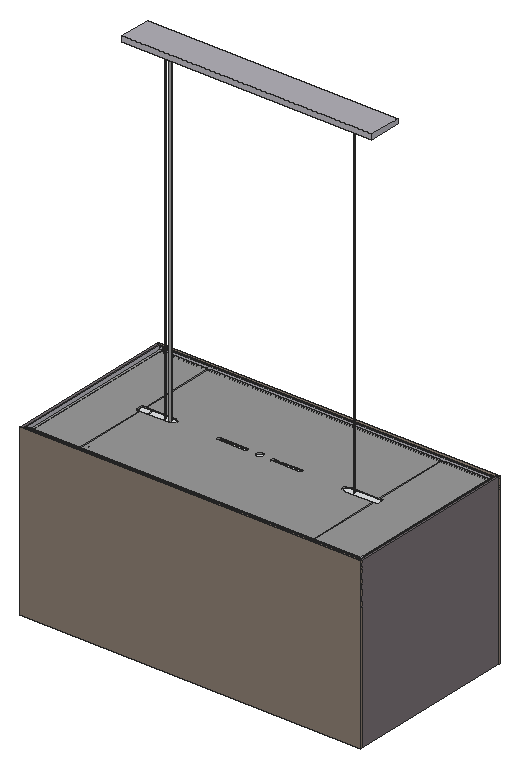
Revit family "Lighting - Lumetta - Pendant - P2448A", category Lighting Fixtures, host Ceiling, Revit 2015
Parameters
  Wattage = 34.1318 W
  built-in parameter 1150110 = 1 (stored number, unit not read)
  URL = "https://lumetta.com/luminaires/linear-acoustic-box-48x24-pendant/"
  built-in parameter 1114217 = 3 (stored number, unit not read)
  Top Lens-Material [instance] = Acrylic - 2447 - White
  Top Lens [instance] = yes
  built-in parameter 1150109 = 1 (stored number, unit not read)
  built-in parameter 1150134 = (empty or 0)
  Suspension [instance] = 2
  built-in parameter 1150113 = 1 (stored number, unit not read)
  P2448A URL [instance] = "https://lumetta.com/luminaires/linear-acoustic-box-48x24-pendant/"
  Model = "P2448A"  # constant formula
  Manufacturer = "Lumetta, Inc."  # constant formula
  Lumens = 5070 lm
  built-in parameter 1150115 = 1 (stored number, unit not read)
  built-in parameter 1150105 = 403.46 (stored number, unit not read)
  Light Source Symbol Size = 0' - 2"
  built-in parameter 1150137 = (empty or 0)
  built-in parameter 1150139 = (empty or 0)
  built-in parameter 1150112 = 1 (stored number, unit not read)
  built-in parameter 1150114 = 1 (stored number, unit not read)
  built-in parameter 1150132 = 2
  built-in parameter 1150102 = (empty or 0)
  built-in parameter 1150138 = (empty or 0)
  built-in parameter 1150107 = 3000 (stored number, unit not read)
  built-in parameter 1150106 = 4.0346 (stored number, unit not read)
  Frame Finish [instance] = Paint - Lumetta - F02 - PC_Chrome
  Fixture Drop [instance] = 4' - 0"
  Emit from Line Length = 2' - 10"
  built-in parameter 1150104 = 13.8 (stored number, unit not read)
  Dimming Lamp Color Temperature Shift = (empty or 0)
  Diffuser Material-Shade2 [instance] = Shade - Lumetta - D810-AC-Purple
  Diffuser Material-Shade 1 [instance] = Shade - Lumetta - D807-AC-Pumpkin
  Description = "Linear Acoustic Box 48×24 Pendant"  # constant formula
  Coupling-Stems over 60 inches [instance] = and([2 Stems], Fixture Drop > 5' 0")  # no
  Cord Color [instance] = Cord, Black
  Cone Nut-STD-2-3Wire [instance] = Suspension = 1  # no
  Color Filter = 16777215
  Bushing-LED-4Wire [instance] = Suspension = 2  # yes
  Bottom Lens-Material [instance] = Acrylic - P95 - Etched White
  Bottom Lens [instance] = no
  built-in parameter 1114218 = 1 (stored number, unit not read)
  built-in parameter 1150133 = 10 (stored number, unit not read)
  2 Stems [instance] = Suspension = 3  # no
  1CRD-2CBL-LED-4Wire [instance] = or(Suspension = 1, Suspension = 2)  # yes
  1 CRD-2CBL-STD [instance] = or(Suspension = 1, Suspension = 2)  # yes
Reference planes (in)
  plane 1 "Light Source Axis (F/B)": y = 0
  plane 2 "Ceiling": z = 99.76773
  plane 3 "Light Source Axis (L/R)": x = 0
  plane 4 "Light Source Elevation": z = 49.26773
  plane 5 "Frame Top": z = 51.76773
  plane 6 "Frame BTM": z = 27.76773
  plane 7 "Lamping Start": z = 51.26773
  plane 8 "Left Stem": x = -14.25
  plane 9 "Right Stem": x = 14.25
  plane 10 "Cord": x = -12.75
  plane 11 "Right XBar": x = 16.6875
  plane 12 "Left XBar": x = -16.6875
  plane 13 "Left Cable": x = -13.5
  plane 14 "Right Cable": x = 13.5
  plane 15 "Frame Length-Left": x = -24
  plane 16 "Frame Length-Right": x = 24
  plane 17 "Inner Frame Width-Left": y = 12
  plane 18 "Inner Frame Width-Right": y = -12
  plane 19 "Outer Frame Width-Left": y = 6
  plane 20 "Outer Frame Width-Right": y = -6
Forms (in)
  Extrusion 1, solid, material "Paint - Lumetta - F02 - PC_Chrome" <- "Frame Finish"
    sketch origin (0, 0, 99.76773) x (1, 0, 0) y (0, 1, 0)
      loop
        line (-17.875, -2.25) -> (17.875, -2.25) -> (17.875, 2.25) -> (-17.875, 2.25) -> (-17.875, -2.25)
    from 0 to -0.75
  Extrusion 2, solid, material "Paint - Lumetta - F02 - PC_Chrome" <- "Frame Finish"
    sketch origin (0, 0, 51.76773) x (0, -1, 0) y (1, 0, 0)
      loop
        line (-12, -24) -> (12, -24) -> (12, 24) -> (-12, 24) -> (-12, -24)
      loop
        line (-11.5, -23.5) -> (11.5, -23.5) -> (11.5, 23.5) -> (-11.5, 23.5) -> (-11.5, -23.5)
    from 0 to -0.61824
  Extrusion 3, void
    sketch origin (0, 0, 51.76773) x (0, -1, 0) y (1, 0, 0)
      loop
        line (-11.875, -23.875) -> (11.875, -23.875) -> (11.875, 23.875) -> (-11.875, 23.875) -> (-11.875, -23.875)
      loop
        line (-11.5, -23.375) -> (11.5, -23.375) -> (11.5, 23.375) -> (-11.5, 23.375) -> (-11.5, -23.375)
    from 0 to -0.5
  Extrusion 4, solid, material "Paint - Lumetta - F02 - PC_Chrome" <- "Frame Finish"
    sketch origin (0, 0, 27.76773) x (-1, 0, 0) y (0, -1, 0)
      loop
        line (24, -12) -> (24, 12) -> (-24, 12) -> (-24, -12) -> (24, -12)
      loop
        line (23.5, -11.5) -> (23.5, 11.5) -> (-23.5, 11.5) -> (-23.5, -11.5) -> (23.5, -11.5)
    from 0.62296 to 0
  Extrusion 5, void
    sketch origin (0, 0, 27.76773) x (-1, 0, 0) y (0, -1, 0)
      loop
        line (23.875, -11.875) -> (23.875, 11.875) -> (-23.875, 11.875) -> (-23.875, -11.875) -> (23.875, -11.875)
      loop
        line (23.375, -11.5) -> (23.375, 11.5) -> (-23.5, 11.5) -> (-23.5, -11.5) -> (23.375, -11.5)
    from -0.59912 to 0.64163
  Extrusion 6, solid, material "Paint - Lumetta - F02 - PC_Chrome" <- "Frame Finish"
    sketch origin (0, 0, 36.01773) x (0, -1, 0) y (1, 0, 0)
      loop
        line (-12, 24) -> (-12, 23.375) -> (-11.875, 23.375) -> (-11.875, 23.875) -> (-11.375, 23.875) -> (-11.375, 24) -> (-12, 24)
      loop
        line (-12, -24) -> (-11.375, -24) -> (-11.375, -23.875) -> (-11.875, -23.875) -> (-11.875, -23.375) -> (-12, -23.375) -> (-12, -24)
      loop
        line (12, -24) -> (12, -23.375) -> (11.875, -23.375) -> (11.875, -23.875) -> (11.375, -23.875) -> (11.375, -24) -> (12, -24)
      loop
        line (12, 24) -> (11.375, 24) -> (11.375, 23.875) -> (11.875, 23.875) -> (11.875, 23.375) -> (12, 23.375) -> (12, 24)
    from -8.25 to 15.75
  Extrusion 7, solid, material "Paint - Lumetta - F02 - PC_Chrome" <- "Frame Finish"
    sketch origin (0, 0, 51.76773) x (0, -1, 0) y (1, 0, 0)
      loop
        line (-9.9375, -17.1875) -> (-9.9375, -16.1875) -> (-11.875, -16.1875) -> (-11.875, -17.1875) -> (-9.9375, -17.1875)
      loop
        circle (-10.125, -16.6875) r 0.10889
      loop
        line (9.9375, -17.1875) -> (11.875, -17.1875) -> (11.875, -16.1875) -> (9.9375, -16.1875) -> (9.9375, -17.1875)
      loop
        circle (10.125, -16.6875) r 0.10889
      loop
        line (-9.9375, 17.1875) -> (-11.875, 17.1875) -> (-11.875, 16.1875) -> (-9.9375, 16.1875) -> (-9.9375, 17.1875)
      loop
        circle (-10.125, 16.6875) r 0.10889
      loop
        line (9.9375, 17.1875) -> (9.9375, 16.1875) -> (11.875, 16.1875) -> (11.875, 17.1875) -> (9.9375, 17.1875)
      loop
        circle (10.125, 16.6875) r 0.10889
      loop
        circle (-11.125, -16.6875) r 0.10938
      loop
        circle (11.125, -16.6875) r 0.10938
      loop
        circle (-11.125, 16.6875) r 0.10938
      loop
        circle (11.125, 16.6875) r 0.10938
    from -0.61824 to -0.74408
  Extrusion 8, solid, material "Paint - Lumetta - F02 - PC_Chrome" <- "Frame Finish"
    sketch origin (0, 0, 99.76773) x (1, 0, 0) y (0, 1, 0)
      loop
        circle (-10, 0) r 0.31122
      loop
        circle (10, 0) r 0.31356
    from -0.8125 to -1.1875
  Extrusion 9, solid, material "Paint - Lumetta - F02 - PC_Chrome" <- "Frame Finish", visible <- "2 Stems"
    sketch origin (18, 0.5, 99.76773) x (1, 0, 0) y (0, 1, 0)
      loop
        line (-36, -2.875) -> (0, -2.875) -> (0, 1.875) -> (-36, 1.875) -> (-36, -2.875)
    from -0.8125 to -0.75
  Revolve 10, solid, material "Paint - Lumetta - F02 - PC_Chrome" <- "Frame Finish", visible <- "Cone Nut-STD-2-3Wire"
    sketch origin (0, 0, 0) x (1, 0, 0) y (0, 0, 1)
      loop
        line (-12.75, 98.95523) -> (-12.75, 98.45523) -> (-12.46878, 98.45523) -> (-12.37659, 98.95523) -> (-12.75, 98.95523)
      axis (-12.75, 98.45523) -> (-12.75, 98.95523)
    angle from 0 to 360
  Extrusion 11, solid, material "Paint - Lumetta - F11 - PC_White"
    sketch origin (0, 0, 24.01773) x (0, -1, 0) y (1, 0, 0)
      loop
        line (-2.875, -17.3125) -> (2.875, -17.3125) -> (2.875, -16.0625) -> (-2.875, -16.0625) -> (-2.875, -17.3125)
      loop
        circle (-2.625, -16.6875) r 0.10889
      loop
        line (-10.375, 17.3125) -> (-10.375, 16.0625) -> (-4.625, 16.0625) -> (-4.625, 17.3125) -> (-10.375, 17.3125)
      loop
        circle (-10.125, 16.6875) r 0.10889
      loop
        circle (-4.875, 16.6875) r 0.10889
      loop
        circle (2.625, -16.6875) r 0.10889
    from 27.00592 to 26.88725
  Extrusion 12, solid, material "Paint - Lumetta - F11 - PC_White"
    sketch origin (0, 0, 51.26773) x (-1, 0, 0) y (0, -1, 0)
      loop
        line (18.1875, -1.54) -> (18.1875, 1.54) -> (-18.1875, 1.54) -> (-18.1875, -1.54) -> (18.1875, -1.54)
    from -0.36275 to -1.375
  Extrusion 13, solid, material "Cord, Black" <- "Cord Color", visible <- "1 CRD-2CBL-STD"
    sketch origin (0, 0, 99.76773) x (1, 0, 0) y (0, 1, 0)
      loop
        circle (-12.75, 0) r 0.1566
    from -0.75 to -48.5
  Extrusion 14, solid, material "Steel, Galvanized", visible <- "1 CRD-2CBL-STD"
    sketch origin (0, 0, 96.01773) x (1, 0, 0) y (0, 1, 0)
      loop
        circle (-13.5, 0) r 0.03252
      loop
        circle (13.5, 0) r 0.03265
    from 3 to -44.75
  Extrusion 15, solid, material "Paint - Lumetta - F02 - PC_Chrome" <- "Frame Finish", visible <- "2 Stems"
    sketch origin (0, 0, 99.76773) x (1, 0, 0) y (0, 1, 0)
      loop
        circle (-14.25, 0) r 0.25
      loop
        circle (14.25, 0) r 0.25
    from 0 to -48.5
  Revolve 16, solid, material "Paint - Lumetta - F02 - PC_Chrome" <- "Frame Finish", visible <- "Coupling-Stems over 60 inches"
    sketch origin (0, 0, 0) x (1, 0, 0) y (0, 0, 1)
      loop
        line (-14.25, 111.76773) -> (-13.95764, 111.76773)
        arc (-13.95764, 111.76773) -> (-13.90786, 111.8085) -> (-13.93801, 111.86534) r 0.05078
        arc (-13.93801, 111.86534) -> (-13.90686, 112.03335) -> (-13.93801, 112.20137) r 0.46875
        arc (-13.93801, 112.20137) -> (-13.90786, 112.25821) -> (-13.95764, 112.29898) r 0.05078
        line (-13.95764, 112.29898) -> (-14.25, 112.29898) -> (-14.25, 111.76773)
      axis (-14.25, 112.29898) -> (-14.25, 111.76773)
    angle from 0 to 360
  Revolve 17, solid, material "Paint - Lumetta - F02 - PC_Chrome" <- "Frame Finish", visible <- "Coupling-Stems over 60 inches"
    sketch origin (0, 0, 0) x (-1, 0, 0) y (0, 0, 1)
      loop
        line (-14.25, 111.76773) -> (-13.9562, 111.76773)
        arc (-13.9562, 111.76773) -> (-13.90642, 111.8085) -> (-13.93657, 111.86534) r 0.05078
        arc (-13.93657, 111.86534) -> (-13.90542, 112.03335) -> (-13.93657, 112.20137) r 0.46875
        arc (-13.93657, 112.20137) -> (-13.90642, 112.25821) -> (-13.9562, 112.29898) r 0.05078
        line (-13.9562, 112.29898) -> (-14.25, 112.29898) -> (-14.25, 111.76773)
      axis (-14.25, 112.29898) -> (-14.25, 111.76773)
    angle from 0 to 360
  Extrusion 18, solid, material "Paint - Lumetta - F02 - PC_Chrome" <- "Frame Finish", visible <- "Bushing-LED-4Wire"
    sketch origin (0, 0, 99.76773) x (1, 0, 0) y (0, 1, 0)
      loop
        circle (-12.75, 0) r 0.37341
      loop
        circle (-12.75, 0) r 0.25
    from -0.91406 to -0.8125
  Extrusion 19, solid, material "Acrylic - P95 - Etched White" <- "Bottom Lens-Material", visible <- "Bottom Lens"
    sketch origin (0, 0, 27.76773) x (-1, 0, 0) y (0, -1, 0)
      loop
        line (23.75, -11.75) -> (23.75, 11.75) -> (-23.75, 11.75) -> (-23.75, -11.75) -> (23.75, -11.75)
    from 0.11313 to 0.22451
  Extrusion 20, solid, material "Acrylic - 2447 - White" <- "Top Lens-Material", visible <- "Top Lens"
    sketch origin (0, 0, 51.76773) x (0, -1, 0) y (1, 0, 0)
      loop
        line (0.4375, -17.25) -> (-0.4375, -17.25)
        arc (-0.4375, -17.25) -> (-0.52589, -17.21339) -> (-0.5625, -17.125) r 0.125
        line (-0.5625, -17.125) -> (-0.5625, -16.875)
        arc (-0.5625, -16.875) -> (-0.59911, -16.78661) -> (-0.6875, -16.75) r 0.125
        line (-0.6875, -16.75) -> (-11.35472, -16.75)
        arc (-11.35472, -16.75) -> (-11.42153, -16.76936) -> (-11.46765, -16.82143) r 0.125
        arc (-11.46765, -16.82143) -> (-11.55547, -16.93207) -> (-11.68304, -16.99274) r 0.3125
        arc (-11.68304, -16.99274) -> (-11.75365, -17.03649) -> (-11.78125, -17.11484) r 0.125
        line (-11.78125, -17.11484) -> (-11.78125, -23.575)
        arc (-11.78125, -23.575) -> (-11.72267, -23.71642) -> (-11.58125, -23.775) r 0.2
        line (-11.58125, -23.775) -> (11.58125, -23.775)
        arc (11.58125, -23.775) -> (11.72267, -23.71642) -> (11.78125, -23.575) r 0.2
        line (11.78125, -23.575) -> (11.78125, -17.11484)
        arc (11.78125, -17.11484) -> (11.75365, -17.03649) -> (11.68304, -16.99274) r 0.125
        arc (11.68304, -16.99274) -> (11.55547, -16.93207) -> (11.46765, -16.82143) r 0.3125
        arc (11.46765, -16.82143) -> (11.42153, -16.76936) -> (11.35472, -16.75) r 0.125
        line (11.35472, -16.75) -> (0.6875, -16.75)
        arc (0.6875, -16.75) -> (0.59911, -16.78661) -> (0.5625, -16.875) r 0.125
        line (0.5625, -16.875) -> (0.5625, -17.125)
        arc (0.5625, -17.125) -> (0.52589, -17.21339) -> (0.4375, -17.25) r 0.125
      loop
        circle (0, 0) r 0.5
      loop
        line (-0.25, 5.8125) -> (-0.25, 1.9375)
        arc (-0.25, 1.9375) -> (0, 1.6875) -> (0.25, 1.9375) r 0.25
        line (0.25, 1.9375) -> (0.25, 5.8125)
        arc (0.25, 5.8125) -> (0, 6.0625) -> (-0.25, 5.8125) r 0.25
      loop
        arc (-11.46765, 16.82143) -> (-11.42153, 16.76936) -> (-11.35472, 16.75) r 0.125
        line (-11.35472, 16.75) -> (-0.6875, 16.75)
        arc (-0.6875, 16.75) -> (-0.59911, 16.78661) -> (-0.5625, 16.875) r 0.125
        line (-0.5625, 16.875) -> (-0.5625, 17.125)
        arc (-0.5625, 17.125) -> (-0.52589, 17.21339) -> (-0.4375, 17.25) r 0.125
        line (-0.4375, 17.25) -> (0.4375, 17.25)
        arc (0.4375, 17.25) -> (0.52589, 17.21339) -> (0.5625, 17.125) r 0.125
        line (0.5625, 17.125) -> (0.5625, 16.875)
        arc (0.5625, 16.875) -> (0.59911, 16.78661) -> (0.6875, 16.75) r 0.125
        line (0.6875, 16.75) -> (11.35472, 16.75)
        arc (11.35472, 16.75) -> (11.42153, 16.76936) -> (11.46765, 16.82143) r 0.125
        arc (11.46765, 16.82143) -> (11.55547, 16.93207) -> (11.68304, 16.99274) r 0.3125
        arc (11.68304, 16.99274) -> (11.75365, 17.03649) -> (11.78125, 17.11484) r 0.125
        line (11.78125, 17.11484) -> (11.78125, 23.575)
        arc (11.78125, 23.575) -> (11.72267, 23.71642) -> (11.58125, 23.775) r 0.2
        line (11.58125, 23.775) -> (-11.58125, 23.775)
        arc (-11.58125, 23.775) -> (-11.72267, 23.71642) -> (-11.78125, 23.575) r 0.2
        line (-11.78125, 23.575) -> (-11.78125, 17.11484)
        arc (-11.78125, 17.11484) -> (-11.75365, 17.03649) -> (-11.68304, 16.99274) r 0.125
        arc (-11.68304, 16.99274) -> (-11.55547, 16.93207) -> (-11.46765, 16.82143) r 0.3125
      loop
        line (-0.49551, -12.42075) -> (-0.27063, -12.03125)
        arc (-0.27063, -12.03125) -> (0, -11.875) -> (0.27063, -12.03125) r 0.3125
        line (0.27063, -12.03125) -> (0.49551, -12.42075)
        arc (0.49551, -12.42075) -> (0.54546, -12.54134) -> (0.5625, -12.67075) r 0.5
        line (0.5625, -12.67075) -> (0.5625, -16.5)
        arc (0.5625, -16.5) -> (0.59911, -16.58839) -> (0.6875, -16.625) r 0.125
        line (0.6875, -16.625) -> (11.35472, -16.625)
        arc (11.35472, -16.625) -> (11.42153, -16.60564) -> (11.46765, -16.55357) r 0.125
        arc (11.46765, -16.55357) -> (11.55547, -16.44293) -> (11.68304, -16.38226) r 0.3125
        arc (11.68304, -16.38226) -> (11.75365, -16.33851) -> (11.78125, -16.26016) r 0.125
        line (11.78125, -16.26016) -> (11.78125, 16.26016)
        arc (11.78125, 16.26016) -> (11.75365, 16.33851) -> (11.68304, 16.38226) r 0.125
        arc (11.68304, 16.38226) -> (11.55547, 16.44293) -> (11.46765, 16.55357) r 0.3125
        arc (11.46765, 16.55357) -> (11.42153, 16.60564) -> (11.35472, 16.625) r 0.125
        line (11.35472, 16.625) -> (0.6875, 16.625)
        arc (0.6875, 16.625) -> (0.59911, 16.58839) -> (0.5625, 16.5) r 0.125
        line (0.5625, 16.5) -> (0.5625, 12.67075)
        arc (0.5625, 12.67075) -> (0.54546, 12.54134) -> (0.49551, 12.42075) r 0.5
        line (0.49551, 12.42075) -> (0.27063, 12.03125)
        arc (0.27063, 12.03125) -> (0, 11.875) -> (-0.27063, 12.03125) r 0.3125
        line (-0.27063, 12.03125) -> (-0.49551, 12.42075)
        arc (-0.49551, 12.42075) -> (-0.54546, 12.54134) -> (-0.5625, 12.67075) r 0.5
        line (-0.5625, 12.67075) -> (-0.5625, 16.5)
        arc (-0.5625, 16.5) -> (-0.59911, 16.58839) -> (-0.6875, 16.625) r 0.125
        line (-0.6875, 16.625) -> (-11.35472, 16.625)
        arc (-11.35472, 16.625) -> (-11.42153, 16.60564) -> (-11.46765, 16.55357) r 0.125
        arc (-11.46765, 16.55357) -> (-11.55547, 16.44293) -> (-11.68304, 16.38226) r 0.3125
        arc (-11.68304, 16.38226) -> (-11.75365, 16.33851) -> (-11.78125, 16.26016) r 0.125
        line (-11.78125, 16.26016) -> (-11.78125, -16.26016)
        arc (-11.78125, -16.26016) -> (-11.75365, -16.33851) -> (-11.68304, -16.38226) r 0.125
        arc (-11.68304, -16.38226) -> (-11.55547, -16.44293) -> (-11.46765, -16.55357) r 0.3125
        arc (-11.46765, -16.55357) -> (-11.42153, -16.60564) -> (-11.35472, -16.625) r 0.125
        line (-11.35472, -16.625) -> (-0.6875, -16.625)
        arc (-0.6875, -16.625) -> (-0.59911, -16.58839) -> (-0.5625, -16.5) r 0.125
        line (-0.5625, -16.5) -> (-0.5625, -12.67075)
        arc (-0.5625, -12.67075) -> (-0.54546, -12.54134) -> (-0.49551, -12.42075) r 0.5
      loop
        arc (-0.25, -5.8125) -> (0, -6.0625) -> (0.25, -5.8125) r 0.25
        line (0.25, -5.8125) -> (0.25, -1.9375)
        arc (0.25, -1.9375) -> (0, -1.6875) -> (-0.25, -1.9375) r 0.25
        line (-0.25, -1.9375) -> (-0.25, -5.8125)
    from -0.5 to -0.42419
  Revolve 21, solid, material "Paint - Lumetta - F02 - PC_Chrome" <- "Frame Finish", visible <- "2 Stems"
    sketch origin (0, 0, 0) x (1, 0, 0) y (0, 0, 1)
      loop
        line (-14.25, 99.43423) -> (-14.25, 98.74673) -> (-13.88452, 98.74673)
        arc (-13.88452, 98.74673) -> (-13.65804, 99.05321) -> (-13.65163, 99.43423) r 0.625
        line (-13.65163, 99.43423) -> (-14.25, 99.43423)
      axis (-14.25, 98.74673) -> (-14.25, 99.43423)
    angle from 0 to 360
  Revolve 22, solid, material "Paint - Lumetta - F02 - PC_Chrome" <- "Frame Finish", visible <- "2 Stems"
    sketch origin (0, 0, 0) x (-1, 0, 0) y (0, 0, 1)
      loop
        line (-14.25, 99.43423) -> (-14.25, 98.74673) -> (-13.88452, 98.74673)
        arc (-13.88452, 98.74673) -> (-13.65804, 99.05321) -> (-13.65163, 99.43423) r 0.625
        line (-13.65163, 99.43423) -> (-14.25, 99.43423)
      axis (-14.25, 98.74673) -> (-14.25, 99.43423)
    angle from 0 to 360
  Extrusion 23, solid, material "Shade - Lumetta - D807-AC-Pumpkin" <- "Diffuser Material-Shade 1"
    sketch origin (0, 0, 51.76773) x (0, -1, 0) y (1, 0, 0)
      loop
        line (-12.375, -24.375) -> (-12.1875, -24.375) -> (-12.1875, -24) -> (-12, -24) -> (-12, 24) -> (-12.1875, 24) -> (-12.1875, 24.375) -> (-12.375, 24.375) -> (-12.375, -24.375)
      loop
        line (12.375, -24.375) -> (12.375, 24.375) -> (12.1875, 24.375) -> (12.1875, 24) -> (12, 24) -> (12, -24) -> (12.1875, -24) -> (12.1875, -24.375) -> (12.375, -24.375)
    from -24 to 0
  Extrusion 24, solid, material "Shade - Lumetta - D810-AC-Purple" <- "Diffuser Material-Shade2"
    sketch origin (0, 0, 27.51773) x (0, -1, 0) y (1, 0, 0)
      loop
        line (-12.1875, -24.375) -> (12.1875, -24.375) -> (12.1875, -24) -> (-12.1875, -24) -> (-12.1875, -24.375)
      loop
        line (-12.1875, 24.375) -> (-12.1875, 24) -> (12.1875, 24) -> (12.1875, 24.375) -> (-12.1875, 24.375)
    from 0.25 to 24.25
Cuts and joins
  Extrusion 3, Extrusion 5 cuts Extrusion 2
  Extrusion 5 cuts Extrusion 4
Dimensions and locks (in)
  equal spacing: host sketch curve, plane 3 "Light Source Axis (L/R)", host sketch curve
  equal spacing: host sketch curve, plane 1 "Light Source Axis (F/B)", host sketch curve
  host sketch curve to host sketch curve = 10' - 0"  (x2)
  locked: Extrusion 9 to Revolve 10 sketch curve at 0.5
  plane 1 "Light Source Axis (F/B)" to Extrusion 11 sketch curve = 0' - 2 7/8"
  locked: Extrusion 11 sketch curve to Extrusion 11 sketch curve at 5.75  (x2)
  locked: imposter light to Extrusion 12 sketch curve at 1.54
  locked: plane 1 "Light Source Axis (F/B)" to Extrusion 12 sketch curve at 1.54
  Revolve 16 sketch curve to level = 9' - 3.76773"
  locked: Revolve 16 sketch curve to Revolve 16 sketch curve at 0.53125
  locked: Revolve 16 sketch curve to Revolve 16 sketch curve at 0.26563
  locked: Revolve 16 sketch curve to Revolve 16 sketch curve at 0.05078  (x2)
  locked: Revolve 17 sketch curve to Revolve 17 sketch curve at 0.53125
  locked: Revolve 17 sketch curve to Revolve 17 sketch curve at 0.26563
  locked: Revolve 17 sketch curve to Revolve 17 sketch curve at 0.05078  (x2)
  locked: Extrusion 18 sketch curve to plane 3 "Light Source Axis (L/R)" at 12.75  (x2)
  locked: Revolve 17 sketch curve to plane 5 "Frame Top" at 60
  locked: Revolve 16 sketch curve to plane 5 "Frame Top" at 60
  equal spacing: Extrusion 14 sketch curve, plane 3 "Light Source Axis (L/R)", Extrusion 14 sketch curve
  plane 3 "Light Source Axis (L/R)" to Revolve 10 sketch curve = 1' - 0 3/4"
  equal spacing: Extrusion 8 sketch curve, plane 3 "Light Source Axis (L/R)", Extrusion 8 sketch curve
  Extrusion 8 sketch curve to Extrusion 8 sketch curve = 1' - 8"
  locked: Extrusion 13 sketch curve to plane 3 "Light Source Axis (L/R)" at 12.75
  plane 3 "Light Source Axis (L/R)" to Extrusion 15 sketch curve = 1' - 2 1/4"
  plane 3 "Light Source Axis (L/R)" to Revolve 17 sketch curve = 1' - 2 1/4"
  locked: Revolve 16 sketch curve to plane 8 "Left Stem" at 0  (x2)
  locked: Revolve 16 sketch curve to plane 8 "Left Stem" at 0.29236  (x2)
  locked: plane 8 "Left Stem" to Revolve 16 sketch curve at 0.12561
  locked: Revolve 17 sketch curve to plane 9 "Right Stem" at 0  (x2)
  locked: plane 9 "Right Stem" to Revolve 17 sketch curve at 0.2938  (x2)
  locked: Revolve 17 sketch curve to plane 9 "Right Stem" at 0.12417
  locked: plane 10 "Cord" to Revolve 10 sketch curve at 0
  Revolve 10 sketch curve to plane 10 "Cord" = 0' - 0"
  locked: Revolve 10 sketch curve to plane 10 "Cord" at 0.37341
  locked: Revolve 10 sketch curve to plane 10 "Cord" at 0.28122
  locked: plane 3 "Light Source Axis (L/R)" to plane 10 "Cord" at 12.75
  equal spacing: plane 12 "Left XBar", plane 3 "Light Source Axis (L/R)", plane 11 "Right XBar"
  locked: plane 12 "Left XBar" to plane 11 "Right XBar" at 33.375
  equal spacing: plane 13 "Left Cable", plane 3 "Light Source Axis (L/R)", plane 14 "Right Cable"
  locked: plane 13 "Left Cable" to plane 14 "Right Cable" at 27
  locked: Extrusion 14 sketch curve to plane 13 "Left Cable" at 0
  equal spacing: plane 8 "Left Stem", plane 3 "Light Source Axis (L/R)", plane 9 "Right Stem"
  locked: plane 8 "Left Stem" to plane 9 "Right Stem" at 28.5
  equal spacing: plane 15 "Frame Length-Left", plane 3 "Light Source Axis (L/R)", plane 16 "Frame Length-Right"
  locked: plane 15 "Frame Length-Left" to plane 16 "Frame Length-Right" at 48
  equal spacing: plane 17 "Inner Frame Width-Left", plane 1 "Light Source Axis (F/B)", plane 18 "Inner Frame Width-Right"
  locked: plane 17 "Inner Frame Width-Left" to plane 18 "Inner Frame Width-Right" at 24
  equal spacing: plane 20 "Outer Frame Width-Right", plane 1 "Light Source Axis (F/B)", plane 19 "Outer Frame Width-Left"
  locked: plane 19 "Outer Frame Width-Left" to plane 20 "Outer Frame Width-Right" at 12
  locked: Extrusion 6 sketch curve to plane 15 "Frame Length-Left" at 0  (x2)
  locked: Extrusion 6 sketch curve to plane 17 "Inner Frame Width-Left" at 0  (x2)
  locked: Extrusion 6 sketch curve to plane 18 "Inner Frame Width-Right" at 0  (x2)
  locked: Extrusion 6 sketch curve to plane 16 "Frame Length-Right" at 0  (x2)
  locked: Extrusion 6 sketch curve to plane 16 "Frame Length-Right" at 0.625  (x2)
  locked: Extrusion 6 sketch curve to plane 17 "Inner Frame Width-Left" at 0.625
  locked: Extrusion 6 sketch curve to plane 18 "Inner Frame Width-Right" at 0.625
  locked: plane 15 "Frame Length-Left" to Extrusion 6 sketch curve at 0.625  (x2)
  locked: plane 17 "Inner Frame Width-Left" to Extrusion 6 sketch curve at 0.625
  locked: plane 18 "Inner Frame Width-Right" to Extrusion 6 sketch curve at 0.625
  locked: plane 16 "Frame Length-Right" to Extrusion 2 sketch curve
  locked: Extrusion 2 sketch curve to plane 17 "Inner Frame Width-Left" at 0
  locked: Extrusion 2 sketch curve to plane 18 "Inner Frame Width-Right" at 0
  locked: plane 15 "Frame Length-Left" to Extrusion 5 sketch curve at 0.125
  locked: Extrusion 5 sketch curve to Extrusion 5 sketch curve at 0.5
  locked: Extrusion 5 sketch curve to plane 16 "Frame Length-Right" at 0.125
  locked: Extrusion 5 sketch curve to plane 16 "Frame Length-Right" at 0.5
  locked: plane 15 "Frame Length-Left" to Extrusion 2 sketch curve
  locked: Extrusion 2 sketch curve to Extrusion 2 sketch curve at 0.5
  locked: plane 15 "Frame Length-Left" to Extrusion 3 sketch curve at 0.125
  locked: Extrusion 3 sketch curve to Extrusion 3 sketch curve at 0.5  (x2)
  locked: Extrusion 3 sketch curve to plane 16 "Frame Length-Right" at 0.125
  locked: plane 15 "Frame Length-Left" to Extrusion 4 sketch curve
  locked: Extrusion 4 sketch curve to Extrusion 4 sketch curve at 0.5  (x2)
  locked: Extrusion 4 sketch curve to plane 16 "Frame Length-Right"
  locked: Extrusion 19 sketch curve to plane 16 "Frame Length-Right" at 0.25
  locked: Extrusion 19 sketch curve to plane 17 "Inner Frame Width-Left" at 0.25
  locked: Extrusion 19 sketch curve to plane 18 "Inner Frame Width-Right" at 0.25
  locked: plane 15 "Frame Length-Left" to Extrusion 19 sketch curve at 0.25
  equal spacing: Extrusion 9 sketch curve, plane 1 "Light Source Axis (F/B)", Extrusion 9 sketch curve
  equal spacing: Extrusion 9 sketch curve, plane 3 "Light Source Axis (L/R)", Extrusion 9 sketch curve
  locked: Extrusion 9 sketch curve to Extrusion 9 sketch curve at 36
  locked: Extrusion 9 sketch curve to Extrusion 9 sketch curve at 4.75
  locked: Extrusion 9 to Extrusion 1 sketch curve at 0.125  (x3)
  locked: Extrusion 1 sketch curve to Extrusion 9 at 0.125
  locked: Extrusion 7 sketch curve to Extrusion 7 sketch curve at 0.1875  (x4)
  locked: Extrusion 7 sketch curve to plane 12 "Left XBar" at 0  (x2)
  equal spacing: Extrusion 7 sketch curve, plane 12 "Left XBar", Extrusion 7 sketch curve
  locked: Extrusion 7 sketch curve to plane 12 "Left XBar" at 0.5  (x2)
  locked: Extrusion 7 sketch curve to plane 17 "Inner Frame Width-Left" at 0.125
  locked: Extrusion 11 sketch curve to plane 12 "Left XBar" at 0  (x2)
  locked: Extrusion 15 sketch curve to plane 8 "Left Stem"
  locked: plane 9 "Right Stem" to Extrusion 15 sketch curve
  locked: Extrusion 11 sketch curve to Extrusion 11 sketch curve at 1.25  (x2)
  equal spacing: Extrusion 11 sketch curve, plane 12 "Left XBar", Extrusion 11 sketch curve
  locked: Extrusion 12 sketch curve to plane 12 "Left XBar" at 1.5
  locked: plane 11 "Right XBar" to Extrusion 12 sketch curve at 1.5
  locked: plane 15 "Frame Length-Left" to Extrusion 19 at 0.25
  locked: Extrusion 19 to plane 16 "Frame Length-Right" at 0.25
  locked: Extrusion 7 sketch curve to Extrusion 7 sketch curve at 1.9375  (x4)
  locked: Extrusion 7 sketch curve to Extrusion 7 sketch curve at 1  (x3)
  locked: Extrusion 7 sketch curve to Extrusion 7 sketch curve at 1.1875
  locked: Extrusion 11 sketch curve to Extrusion 11 sketch curve at 0.25  (x3)
  Extrusion 11 sketch curve to Extrusion 11 sketch curve = 0' - 1 1/4"
  locked: plane 5 "Frame Top" to plane 7 "Lamping Start" at 0.5
  locked: plane 5 "Frame Top" to cut or joined group of Extrusion 2, Extrusion 3, Extrusion 5 at 0.61824
  locked: plane 5 "Frame Top" to cut or joined group of Extrusion 2, Extrusion 3, Extrusion 5 at 0.5
  locked: cut or joined group of Extrusion 2, Extrusion 3, Extrusion 5 to plane 5 "Frame Top" at 0
  locked: cut or joined group of Extrusion 2, Extrusion 3, Extrusion 5 to Extrusion 7 at 0.12584
  locked: plane 7 "Lamping Start" to Extrusion 7 at 0.11824
  locked: plane 7 "Lamping Start" to Extrusion 11 at 0.36275
  locked: Extrusion 11 to Extrusion 7 at 0
  locked: plane 7 "Lamping Start" to Extrusion 12 at 0.36275
  locked: Extrusion 12 to Extrusion 12 at 1.01225
  plane 7 "Lamping Start" to plane 4 "Light Source Elevation" = 0' - 2"
  plane 5 "Frame Top" to plane 6 "Frame BTM" = 2' - 0"
  locked: plane 11 "Right XBar" to Extrusion 11 sketch curve  (x2)
  locked: plane 11 "Right XBar" to Extrusion 11 sketch curve at 0.625
  locked: Extrusion 7 sketch curve to plane 12 "Left XBar"  (x2)
  locked: plane 11 "Right XBar" to Extrusion 7 sketch curve at 0
  locked: plane 11 "Right XBar" to Extrusion 7 sketch curve  (x3)
  locked: Extrusion 7 sketch curve to plane 11 "Right XBar" at 0.5  (x2)
  locked: Extrusion 20 to Extrusion 20 at 0.07581
  locked: plane 5 "Frame Top" to Extrusion 20 at 0.5
  locked: Revolve 21 sketch curve to plane 8 "Left Stem" at 0
  locked: Extrusion 9 to Revolve 21 sketch curve at 0.2085
  locked: Revolve 21 sketch curve to Revolve 21 sketch curve at 0.507
  locked: Revolve 21 sketch curve to Revolve 21 sketch curve at 0.6875
  locked: Revolve 22 sketch curve to Revolve 22 sketch curve at 0.507
  locked: Revolve 22 sketch curve to Revolve 22 sketch curve at 0.6875
  locked: Extrusion 23 sketch curve to Extrusion 23 sketch curve at 0.375  (x4)
  locked: Extrusion 23 sketch curve to Extrusion 23 sketch curve at 0.1875  (x4)
  Extrusion 23 sketch curve to Extrusion 23 sketch curve = 0' - 0 3/8"
  locked: Extrusion 23 sketch curve to plane 17 "Inner Frame Width-Left" at 0
  locked: cut or joined group of Extrusion 2, Extrusion 3, Extrusion 5 to Extrusion 23 sketch curve
  locked: Extrusion 23 sketch curve to cut or joined group of Extrusion 2, Extrusion 3, Extrusion 5
  "Fixture Drop": plane 2 "Ceiling" to plane 5 "Frame Top"
  aligned and locked: plane 3 "Light Source Axis (L/R)" to imposter light
  aligned and locked: plane 1 "Light Source Axis (F/B)" to imposter light
  aligned and locked: plane 4 "Light Source Elevation" to imposter light
  aligned and locked: Extrusion 13 to Extrusion 1
  aligned and locked: plane 2 "Ceiling" to Extrusion 15
  aligned and locked: Extrusion 13 to plane 7 "Lamping Start"
  aligned and locked: Extrusion 14 to plane 7 "Lamping Start"
  aligned and locked: Extrusion 15 to Extrusion 13
  aligned and locked: cut or joined group of Extrusion 2, Extrusion 3, Extrusion 5 to Extrusion 5 sketch curve  (x2)
  aligned and locked: Extrusion 11 to Extrusion 12
  aligned and locked: Extrusion 7 to cut or joined group of Extrusion 2, Extrusion 3, Extrusion 5
  aligned and locked: Extrusion 14 to Extrusion 1
  aligned and locked: Extrusion 6 to plane 5 "Frame Top"
  aligned and locked: Extrusion 6 to plane 6 "Frame BTM"
  aligned and locked: Extrusion 4 to plane 6 "Frame BTM"
  aligned and locked: Extrusion 23 to plane 5 "Frame Top"
  aligned and locked: Extrusion 23 to cut or joined group of Extrusion 4, Extrusion 5
  aligned and locked: Extrusion 24 to plane 5 "Frame Top"
  aligned and locked: Extrusion 24 to cut or joined group of Extrusion 4, Extrusion 5
Automatic sketch dimensions
  Extrusion 3 sketch curve to plane 17 "Inner Frame Width-Left" = 0' - 0 1/8"
  Extrusion 3 sketch curve to plane 17 "Inner Frame Width-Left" = 0' - 0 1/2"
  plane 18 "Inner Frame Width-Right" to Extrusion 3 sketch curve = 0' - 0 1/2"
  plane 18 "Inner Frame Width-Right" to Extrusion 3 sketch curve = 0' - 0 1/8"
  Extrusion 4 sketch curve to plane 17 "Inner Frame Width-Left" = 0' - 0"
  Extrusion 4 sketch curve to plane 18 "Inner Frame Width-Right" = 0' - 0"
  Extrusion 4 sketch curve to plane 17 "Inner Frame Width-Left" = 0' - 0 1/2"
  plane 18 "Inner Frame Width-Right" to Extrusion 4 sketch curve = 0' - 0 1/2"
  Extrusion 7 sketch curve to plane 17 "Inner Frame Width-Left" = 0' - 0 1/8"
  Extrusion 7 sketch curve to plane 17 "Inner Frame Width-Left" = 0' - 0 7/8"
  plane 18 "Inner Frame Width-Right" to Extrusion 7 sketch curve = 0' - 2 1/16"  (x2)
  plane 18 "Inner Frame Width-Right" to Extrusion 7 sketch curve = 0' - 0 7/8"  (x2)
  Extrusion 11 sketch curve to plane 17 "Inner Frame Width-Left" = 0' - 1 5/8"
  Extrusion 11 sketch curve to Extrusion 11 sketch curve = 0' - 0 1/4"
  plane 1 "Light Source Axis (F/B)" to Extrusion 13 sketch curve = 0' - 0"
  plane 1 "Light Source Axis (F/B)" to Extrusion 14 sketch curve = 0' - 0"  (x2)
  plane 1 "Light Source Axis (F/B)" to Extrusion 15 sketch curve = 0' - 0"  (x2)
  Extrusion 18 sketch curve to Extrusion 18 sketch curve = 0' - 0"
  plane 1 "Light Source Axis (F/B)" to Extrusion 18 sketch curve = 0' - 0"
  Extrusion 2 sketch curve to plane 17 "Inner Frame Width-Left" = 0' - 0 1/2"
  plane 18 "Inner Frame Width-Right" to Extrusion 2 sketch curve = 0' - 0 1/2"
  Extrusion 2 sketch curve to plane 16 "Frame Length-Right" = 0' - 0 1/2"
  Extrusion 5 sketch curve to plane 17 "Inner Frame Width-Left" = 0' - 0 1/8"
  plane 18 "Inner Frame Width-Right" to Extrusion 5 sketch curve = 0' - 0 1/8"
  Extrusion 6 sketch curve to plane 17 "Inner Frame Width-Left" = 0' - 0 1/8"  (x2)
  plane 18 "Inner Frame Width-Right" to Extrusion 6 sketch curve = 0' - 0 1/8"  (x2)
  plane 15 "Frame Length-Left" to Extrusion 6 sketch curve = 0' - 0 1/8"  (x2)
  Extrusion 6 sketch curve to Extrusion 6 sketch curve = 0' - 0 1/8"
  Extrusion 6 sketch curve to plane 16 "Frame Length-Right" = 0' - 0 1/8"
  Revolve 10 sketch curve to Revolve 10 sketch curve = 0' - 0 1/2"
  Revolve 10 sketch curve to Revolve 10 sketch curve = 0' - 0"
  plane 2 "Ceiling" to Revolve 10 sketch curve = 0' - 2 11/16"
  Revolve 16 sketch curve to Revolve 16 sketch curve = 0' - 0.01964"
  Revolve 16 sketch curve to Revolve 16 sketch curve = 0' - 0"
  plane 2 "Ceiling" to Revolve 16 sketch curve = 0' - 4 17/32"
  Revolve 17 sketch curve to Revolve 17 sketch curve = 0' - 0.01964"
  Revolve 17 sketch curve to Revolve 17 sketch curve = 0' - 0"
  Revolve 17 sketch curve to plane 2 "Ceiling" = 0' - 4 17/32"
  Extrusion 20 sketch curve to Extrusion 20 sketch curve = 0' - 0"  (x23)
  Extrusion 20 sketch curve to plane 12 "Left XBar" = 0' - 0"  (x2)
  Extrusion 20 sketch curve to plane 11 "Right XBar" = 0' - 0"  (x2)
  plane 1 "Light Source Axis (F/B)" to Extrusion 20 sketch curve = 0' - 0"  (x5)
  Extrusion 20 sketch curve to plane 3 "Light Source Axis (L/R)" = 0' - 0"
  Extrusion 20 sketch curve to plane 1 "Light Source Axis (F/B)" = 0' - 0 1/16"  (x2)
  Extrusion 20 sketch curve to plane 1 "Light Source Axis (F/B)" = 0' - 0 1/4"  (x2)
  Extrusion 20 sketch curve to plane 1 "Light Source Axis (F/B)" = 0' - 0.27063"  (x2)
  Extrusion 20 sketch curve to plane 1 "Light Source Axis (F/B)" = 0' - 0 7/16"  (x2)
  Extrusion 20 sketch curve to Extrusion 20 sketch curve = 0' - 0.22488"  (x4)
  Extrusion 20 sketch curve to Extrusion 20 sketch curve = 0' - 0 1/8"  (x19)
  plane 10 "Cord" to Extrusion 20 sketch curve = 0' - 0.07925"  (x2)
  Extrusion 20 sketch curve to Extrusion 20 sketch curve = 0' - 0.06699"  (x2)
  Extrusion 20 sketch curve to plane 11 "Right XBar" = 0' - 0 3/16"  (x3)
  plane 11 "Right XBar" to Extrusion 20 sketch curve = 0' - 0 1/16"  (x2)
  Extrusion 20 sketch curve to plane 17 "Inner Frame Width-Left" = 0' - 0.64528"  (x2)
  plane 12 "Left XBar" to Extrusion 20 sketch curve = 0' - 0 1/16"  (x2)
  Extrusion 20 sketch curve to plane 12 "Left XBar" = 0' - 0 1/16"  (x2)
  Extrusion 20 sketch curve to plane 17 "Inner Frame Width-Left" = 0' - 0.41875"  (x2)
  Extrusion 20 sketch curve to plane 17 "Inner Frame Width-Left" = 0' - 0 11/32"  (x4)
  Extrusion 20 sketch curve to plane 17 "Inner Frame Width-Left" = 0' - 0 1/4"  (x2)
  Extrusion 20 sketch curve to Extrusion 20 sketch curve = 0' - 0.2"  (x2)
  plane 1 "Light Source Axis (F/B)" to Extrusion 20 sketch curve = 0' - 0 1/16"  (x2)
  plane 1 "Light Source Axis (F/B)" to Extrusion 20 sketch curve = 0' - 0.27063"  (x2)
  plane 1 "Light Source Axis (F/B)" to Extrusion 20 sketch curve = 0' - 0 7/16"  (x2)
  plane 11 "Right XBar" to Extrusion 20 sketch curve = 0' - 0 3/16"
  Extrusion 20 sketch curve to plane 11 "Right XBar" = 0' - 0 1/16"
  plane 12 "Left XBar" to Extrusion 20 sketch curve = 0' - 0 3/16"
  plane 18 "Inner Frame Width-Right" to Extrusion 20 sketch curve = 0' - 0.64528"  (x2)
  plane 18 "Inner Frame Width-Right" to Extrusion 20 sketch curve = 0' - 0.41875"  (x2)
  plane 18 "Inner Frame Width-Right" to Extrusion 20 sketch curve = 0' - 0 11/32"  (x4)
  plane 18 "Inner Frame Width-Right" to Extrusion 20 sketch curve = 0' - 0 1/4"  (x2)
  Extrusion 20 sketch curve to plane 12 "Left XBar" = 0' - 0.42734"  (x2)
  Extrusion 20 sketch curve to Extrusion 20 sketch curve = 0' - 0 1/4"  (x2)
  plane 15 "Frame Length-Left" to Extrusion 20 sketch curve = 0' - 0.425"
  plane 12 "Left XBar" to Extrusion 20 sketch curve = 0' - 0.42734"  (x2)
  Extrusion 20 sketch curve to Extrusion 20 sketch curve = 0' - 0.48325"
  Extrusion 20 sketch curve to Extrusion 20 sketch curve = 0' - 0 5/32"  (x2)
  Extrusion 20 sketch curve to plane 3 "Light Source Axis (L/R)" = 0' - 5 13/16"
  Extrusion 20 sketch curve to plane 3 "Light Source Axis (L/R)" = 0' - 1 15/16"
  plane 3 "Light Source Axis (L/R)" to Extrusion 20 sketch curve = 0' - 1 15/16"
  Extrusion 20 sketch curve to Extrusion 20 sketch curve = 0' - 3 7/8"
  Extrusion 20 sketch curve to plane 14 "Right Cable" = 0' - 1 15/32"
  Extrusion 20 sketch curve to Extrusion 20 sketch curve = 0' - 0.3895"  (x2)
  Extrusion 20 sketch curve to plane 11 "Right XBar" = 0' - 0.42734"  (x2)
  Extrusion 20 sketch curve to Extrusion 20 sketch curve = 0' - 0.29341"  (x2)
  Extrusion 20 sketch curve to plane 16 "Frame Length-Right" = 0' - 0.425"
  Revolve 21 sketch curve to plane 8 "Left Stem" = 0' - 0"  (x2)
  Revolve 21 sketch curve to Revolve 21 sketch curve = 0' - 0.36548"
  Revolve 21 sketch curve to Revolve 21 sketch curve = 0' - 0 3/4"
  plane 2 "Ceiling" to Revolve 21 sketch curve = 0' - 1.10357"
  Revolve 22 sketch curve to plane 9 "Right Stem" = 0' - 0"  (x3)
  Revolve 22 sketch curve to Revolve 22 sketch curve = 0' - 0.36548"
  plane 2 "Ceiling" to Revolve 22 sketch curve = 0' - 1.021"
  Revolve 22 sketch curve to Revolve 22 sketch curve = 0' - 0 3/4"
  Revolve 22 sketch curve to plane 2 "Ceiling" = 0' - 1.10357"
  Extrusion 23 sketch curve to plane 15 "Frame Length-Left" = 0' - 0"
  Extrusion 23 sketch curve to plane 18 "Inner Frame Width-Right" = 0' - 0"
  Extrusion 23 sketch curve to plane 16 "Frame Length-Right" = 0' - 0"
  Extrusion 23 sketch curve to plane 18 "Inner Frame Width-Right" = 0' - 0 3/16"
  Extrusion 24 sketch curve to plane 15 "Frame Length-Left" = 0' - 0"
  Extrusion 24 sketch curve to plane 16 "Frame Length-Right" = 0' - 0"
  plane 17 "Inner Frame Width-Left" to Extrusion 24 sketch curve = 0' - 0 3/16"  (x2)
  Extrusion 24 sketch curve to plane 18 "Inner Frame Width-Right" = 0' - 0 3/16"  (x2)
  Extrusion 24 sketch curve to Extrusion 24 sketch curve = 0' - 0 3/8"
  plane 16 "Frame Length-Right" to Extrusion 24 sketch curve = 0' - 0 3/8"
  plane 1 "Light Source Axis (F/B)" to Extrusion 8 sketch curve = 0' - 0"  (x2)
  radius of Extrusion 7 sketch curve = 0' - 0.10889"  (x4)
  radius of Extrusion 7 sketch curve = 0' - 0 7/64"  (x4)
  radius of Extrusion 11 sketch curve = 0' - 0.10889"  (x4)
  radius of Extrusion 13 sketch curve = 0' - 0.1566"
  radius of Extrusion 14 sketch curve = 0' - 0.03252"
  radius of Extrusion 14 sketch curve = 0' - 0.03265"
  radius of Extrusion 15 sketch curve = 0' - 0 1/4"  (x2)
  radius of Extrusion 18 sketch curve = 0' - 0.37341"
  radius of Extrusion 18 sketch curve = 0' - 0 1/4"
  radius of Extrusion 20 sketch curve = 0' - 0 1/2"
  radius of Extrusion 8 sketch curve = 0' - 0.31122"
  radius of Extrusion 8 sketch curve = 0' - 0.31356"
